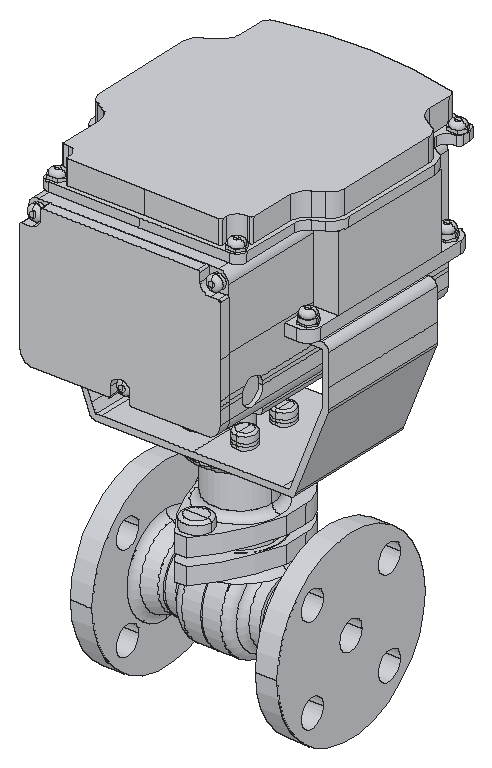
Revit family "電動二方弁(ロゴなし)", category Electrical Equipment, Revit 2022
Family settings
  Round Connector Dimension = Use Diameter
  Part Type = Other Panel
  OmniClass Number = 23.80.30.11.17
  OmniClass Title = Distribution Boards and Control Panels
  Work Plane-Based = No
  Always vertical = Yes
  Cut with Voids When Loaded = No
  Maintain Annotation Orientation = No
  Shared = No
  Room Calculation Point = No
Parameters
  配線φ(左側) [instance] = 14.031 mm
  配線φ(右側) [instance] = 14.031 mm
  配管φ [instance] = 95 mm
  配管2φ [instance] = 95 mm
  Default Elevation = 0 mm
  IfcObjectType = ""
  IfcName = ""
  IfcLongName = ""
  IfcExportType = ""
  IfcExportAs = ""
  IfcDescription = ""
Reference planes
  plane 1 "中心(正面/背面)": y = 0
  plane 2: z = 0
  plane 3 "中心(左/右)": x = 0
Forms (mm)
  Extrusion 1, solid
    sketch origin (0, 0, -77.064) x (0, 1, 0) y (0, 0, 1)
      loop
        circle (0, 124.5) r 47.5
    from 45.882 to 56.882
  Extrusion 2, void
    sketch origin (0, 0, -77) x (0, 1, 0) y (0, 0, 1)
      loop
        circle (-24.749, 149.249) r 7.5
    from 45.882 to 56.882
  Extrusion 3, void
    sketch origin (0, 49.497, -77) x (0, 1, 0) y (0, 0, 1)
      loop
        circle (-24.749, 149.249) r 7.5
    from 45.882 to 56.882
  Extrusion 4, void
    sketch origin (0, 0, -126.498) x (0, 1, 0) y (0, 0, 1)
      loop
        circle (-24.749, 149.249) r 7.5
    from 45.882 to 56.882
  Extrusion 5, void
    sketch origin (0, 49.497, -126.498) x (0, 1, 0) y (0, 0, 1)
      loop
        circle (-24.749, 149.249) r 7.5
    from 45.882 to 56.882
  Extrusion 6, void
    sketch origin (0, 24.749, -101.749) x (0, 1, 0) y (0, 0, 1)
      loop
        circle (-24.749, 149.249) r 7.5
    from 45.882 to 56.882
  Extrusion 7, solid
    sketch origin (-95, 0, -77.064) x (0, 1, 0) y (0, 0, 1)
      loop
        circle (0, 124.5) r 47.5
    from 45.882 to 56.882
  Extrusion 8, void
    sketch origin (-95, 0, -77) x (0, 1, 0) y (0, 0, 1)
      loop
        circle (-24.749, 149.249) r 7.5
    from 45.882 to 56.882
  Extrusion 9, solid
    sketch origin (0.118, 0, 0) x (1, 0, 0) y (0, 0, 1)
      loop
        line (-51.618, 196.3) -> (-51.618, 199.5) -> (-66.618, 199.5)
        arc (-66.618, 199.5) -> (-69.235, 198.416) -> (-70.318, 195.8) r 3.7
        line (-70.318, 195.8) -> (-70.318, 179.5) -> (-70.318, 169.594)
        arc (-70.318, 169.594) -> (-70.255, 168.913) -> (-70.068, 168.255) r 3.7
        line (-70.068, 168.255) -> (-53.226, 124.861)
        arc (-53.226, 124.861) -> (-51.866, 123.147) -> (-49.776, 122.5) r 3.7
        line (-49.776, 122.5) -> (49.539, 122.5)
        arc (49.539, 122.5) -> (51.629, 123.147) -> (52.989, 124.861) r 3.7
        line (52.989, 124.861) -> (69.831, 168.255)
        arc (69.831, 168.255) -> (70.018, 168.913) -> (70.082, 169.594) r 3.7
        line (70.082, 169.594) -> (70.082, 179.5) -> (70.082, 195.8)
        arc (70.082, 195.8) -> (68.998, 198.416) -> (66.382, 199.5) r 3.7
        line (66.382, 199.5) -> (51.182, 199.5) -> (51.182, 196.3) -> (66.382, 196.3)
        arc (66.382, 196.3) -> (66.735, 196.154) -> (66.882, 195.8) r 0.5
        line (66.882, 195.8) -> (66.882, 169.5) -> (64.355, 162.99) -> (49.882, 125.7) -> (46.449, 125.7) -> (-0.118, 125.7) -> (-46.686, 125.7) -> (-50.118, 125.7) -> (-51.928, 130.361) -> (-64.592, 162.99) -> (-67.118, 169.5) -> (-67.118, 195.8)
        arc (-67.118, 195.8) -> (-66.972, 196.154) -> (-66.618, 196.3) r 0.5
        line (-66.618, 196.3) -> (-51.618, 196.3)
    from -38.424 to 30.5
  Extrusion 10, solid
    sketch origin (0, -461.789, 0) x (1, 0, 0) y (0, 1, 0)
      loop
        arc (0, 545.194) -> (-22.618, 543.895) -> (-44.938, 540.014) r 197.5
        arc (-44.938, 540.014) -> (-47.717, 538.253) -> (-48.8, 535.145) r 5
        line (-48.8, 535.145) -> (-48.8, 522.279)
        arc (-48.8, 522.279) -> (-50.006, 517.779) -> (-53.3, 514.485) r 9
        line (-53.3, 514.485) -> (-58.8, 511.309)
        arc (-58.8, 511.309) -> (-61.728, 508.381) -> (-62.8, 504.381) r 8
        line (-62.8, 504.381) -> (-62.8, 450.408)
        arc (-62.8, 450.408) -> (-61.728, 446.408) -> (-58.8, 443.479) r 8
        line (-58.8, 443.479) -> (-53.3, 440.304)
        arc (-53.3, 440.304) -> (-50.006, 437.01) -> (-48.8, 432.51) r 9
        line (-48.8, 432.51) -> (-48.8, 409.394)
        arc (-48.8, 409.394) -> (-48.507, 408.687) -> (-47.8, 408.394) r 1
        line (-47.8, 408.394) -> (-46, 408.394)
        arc (-46, 408.394) -> (-41.757, 406.637) -> (-40, 402.394) r 6
        line (-40, 402.394) -> (-40, 400.594)
        arc (-40, 400.594) -> (-39.707, 399.887) -> (-39, 399.594) r 1
        line (-39, 399.594) -> (0, 399.594) -> (39, 399.594)
        arc (39, 399.594) -> (39.707, 399.887) -> (40, 400.594) r 1
        line (40, 400.594) -> (40, 402.394)
        arc (40, 402.394) -> (41.757, 406.637) -> (46, 408.394) r 6
        line (46, 408.394) -> (47.8, 408.394)
        arc (47.8, 408.394) -> (48.507, 408.687) -> (48.8, 409.394) r 1
        line (48.8, 409.394) -> (48.8, 432.51)
        arc (48.8, 432.51) -> (50.006, 437.01) -> (53.3, 440.304) r 9
        line (53.3, 440.304) -> (58.8, 443.479)
        arc (58.8, 443.479) -> (61.728, 446.408) -> (62.8, 450.408) r 8
        line (62.8, 450.408) -> (62.8, 504.381)
        arc (62.8, 504.381) -> (61.728, 508.381) -> (58.8, 511.309) r 8
        line (58.8, 511.309) -> (53.3, 514.485)
        arc (53.3, 514.485) -> (50.006, 517.779) -> (48.8, 522.279) r 9
        line (48.8, 522.279) -> (48.8, 535.145)
        arc (48.8, 535.145) -> (47.717, 538.253) -> (44.938, 540.014) r 5
        arc (44.938, 540.014) -> (22.618, 543.895) -> (0, 545.194) r 197.5
    from 248.5 to 260.5
  Extrusion 11, solid
    sketch origin (0, -461.789, 0) x (1, 0, 0) y (0, 1, 0)
      loop
        arc (0, 547.894) -> (-28.126, 545.907) -> (-55.692, 539.984) r 200
        arc (-55.692, 539.984) -> (-58.298, 538.185) -> (-59.3, 535.182) r 5
        line (-59.3, 535.182) -> (-59.3, 531.092)
        arc (-59.3, 531.092) -> (-58.732, 529.695) -> (-57.35, 529.092) r 2
        arc (-57.35, 529.092) -> (-53.205, 527.284) -> (-51.5, 523.094) r 6
        line (-51.5, 523.094) -> (-51.5, 522.106)
        arc (-51.5, 522.106) -> (-52.304, 519.106) -> (-54.5, 516.909) r 6
        line (-54.5, 516.909) -> (-60.5, 513.445)
        arc (-60.5, 513.445) -> (-64.16, 509.785) -> (-65.5, 504.785) r 10
        line (-65.5, 504.785) -> (-65.5, 450.003)
        arc (-65.5, 450.003) -> (-64.16, 445.003) -> (-60.5, 441.343) r 10
        line (-60.5, 441.343) -> (-55, 438.168)
        arc (-55, 438.168) -> (-52.438, 435.606) -> (-51.5, 432.106) r 7
        line (-51.5, 432.106) -> (-51.5, 401.894)
        arc (-51.5, 401.894) -> (-50.036, 398.359) -> (-46.5, 396.894) r 5
        line (-46.5, 396.894) -> (0, 396.894) -> (46.5, 396.894)
        arc (46.5, 396.894) -> (50.036, 398.359) -> (51.5, 401.894) r 5
        line (51.5, 401.894) -> (51.5, 432.106)
        arc (51.5, 432.106) -> (52.438, 435.606) -> (55, 438.168) r 7
        line (55, 438.168) -> (60.5, 441.343)
        arc (60.5, 441.343) -> (64.16, 445.003) -> (65.5, 450.003) r 10
        line (65.5, 450.003) -> (65.5, 504.785)
        arc (65.5, 504.785) -> (64.16, 509.785) -> (60.5, 513.445) r 10
        line (60.5, 513.445) -> (54.5, 516.909)
        arc (54.5, 516.909) -> (52.304, 519.106) -> (51.5, 522.106) r 6
        line (51.5, 522.106) -> (51.5, 523.094)
        arc (51.5, 523.094) -> (53.205, 527.284) -> (57.35, 529.092) r 6
        arc (57.35, 529.092) -> (58.732, 529.695) -> (59.3, 531.092) r 2
        line (59.3, 531.092) -> (59.3, 535.182)
        arc (59.3, 535.182) -> (58.298, 538.185) -> (55.692, 539.984) r 5
        arc (55.692, 539.984) -> (28.126, 545.907) -> (0, 547.894) r 200
    from 244 to 248.5
  Extrusion 12, solid
    sketch origin (0, -461.789, 0) x (1, 0, 0) y (0, 1, 0)
      loop
        circle (-58, 432.394) r 4.25
    from 206.5 to 208.5
  Extrusion 13, solid
    sketch origin (0, -461.789, 0) x (1, 0, 0) y (0, 1, 0)
      loop
        line (-60.454, 436.644) -> (-62.907, 432.394) -> (-60.454, 428.144) -> (-55.546, 428.144) -> (-53.093, 432.394) -> (-55.546, 436.644) -> (-58, 436.644) -> (-60.454, 436.644)
    from 205.5 to 206.5
  Revolve 14, solid, detail levels fine
    sketch origin (91.963, -59.403, 0) x (1, 0, 0) y (0, 0, 1)
      loop
        arc (-47.868, 252.7) -> (-49.481, 251.883) -> (-49.776, 250.1) r 2
        line (-49.776, 250.1) -> (-46.118, 250.1) -> (-46.118, 252.7) -> (-47.868, 252.7)
      axis (-46.118, 252.7) -> (-46.118, 250.1)
    angle from 0 to 360
  Revolve 15, solid
    sketch origin (-0.037, -59.403, 0) x (1, 0, 0) y (0, 0, 1)
      loop
        arc (-47.868, 252.7) -> (-49.481, 251.883) -> (-49.776, 250.1) r 2
        line (-49.776, 250.1) -> (-46.118, 250.1) -> (-46.118, 252.7) -> (-47.868, 252.7)
      axis (-46.118, 252.7) -> (-46.118, 250.1)
    angle from 0 to 360
  Extrusion 16, solid
    sketch origin (0.118, -20, 0) x (1, 0, 0) y (0, 0, 1)
      loop
        line (-46.13, 233.5) -> (-50.618, 233.5)
        arc (-50.618, 233.5) -> (-51.326, 233.207) -> (-51.618, 232.5) r 1
        line (-51.618, 232.5) -> (-51.618, 206.5) -> (-51.618, 187.2) -> (-51.618, 184.874) -> (-51.618, 182.778) -> (-51.618, 176)
        arc (-51.618, 176) -> (-49.568, 171.05) -> (-44.618, 169) r 7
        line (-44.618, 169) -> (-6.118, 169)
        arc (-6.118, 169) -> (-5.411, 169.293) -> (-5.118, 170) r 1
        line (-5.118, 170) -> (-5.118, 174.5)
        arc (-5.118, 174.5) -> (-3.654, 178.036) -> (-0.118, 179.5) r 5
        arc (-0.118, 179.5) -> (3.417, 178.036) -> (4.882, 174.5) r 5
        line (4.882, 174.5) -> (4.882, 170)
        arc (4.882, 170) -> (5.174, 169.293) -> (5.882, 169) r 1
        line (5.882, 169) -> (44.382, 169)
        arc (44.382, 169) -> (49.331, 171.05) -> (51.382, 176) r 7
        line (51.382, 176) -> (51.382, 182.778) -> (51.382, 184.874) -> (51.382, 187.2) -> (51.382, 206.5) -> (51.382, 232.5)
        arc (51.382, 232.5) -> (51.089, 233.207) -> (50.382, 233.5) r 1
        line (50.382, 233.5) -> (45.893, 233.5)
        arc (45.893, 233.5) -> (42.358, 234.965) -> (40.893, 238.5) r 5
        line (40.893, 238.5) -> (40.893, 243)
        arc (40.893, 243) -> (40.601, 243.707) -> (39.893, 244) r 1
        line (39.893, 244) -> (-40.13, 244)
        arc (-40.13, 244) -> (-40.838, 243.707) -> (-41.13, 243) r 1
        line (-41.13, 243) -> (-41.13, 238.5)
        arc (-41.13, 238.5) -> (-42.595, 234.965) -> (-46.13, 233.5) r 5
    from 51.5 to 57
  Extrusion 17, solid
    sketch origin (0, 0, 0) x (1, 0, 0) y (0, 0, 1)
      loop
        line (-13.607, 161) -> (-13.607, 139.5) -> (-0.118, 139.5) -> (13.607, 139.5) -> (13.607, 161) -> (-0.118, 161) -> (-13.607, 161)
    from -13.607 to 13.607
  Revolve 18, solid
    sketch origin (0, 0, 0) x (0, 1, 0) y (0, 0, 1)
      loop
        line (-6, 137.956) -> (-6.5, 137.09) -> (-6.5, 125.7) -> (0, 125.7) -> (0, 137.956) -> (-6, 137.956)
      axis (0, 137.956) -> (0, 125.7)
    angle from 0 to 360
  Revolve 19, solid
    sketch origin (-12.5, 0, 0) x (0, 1, 0) y (0, 0, 1)
      loop
        arc (-16.752, 132.9) -> (-17.541, 132.594) -> (-18.025, 131.9) r 1.452
        line (-18.025, 131.9) -> (-18.025, 128.9) -> (-12.5, 128.9) -> (-12.5, 132.9) -> (-16.752, 132.9)
      axis (-12.5, 132.9) -> (-12.5, 128.9)
    angle from 0 to 360
  Extrusion 20, solid, detail levels fine
    sketch origin (103.688, -491.798, 0) x (1, 0, 0) y (0, 1, 0)
      loop
        line (-60.731, 436.165) -> (-62.907, 432.394) -> (-60.775, 428.7) -> (-55.225, 428.7) -> (-53.093, 432.394) -> (-55.269, 436.165) -> (-58, 436.165) -> (-60.731, 436.165)
    from 248.5 to 250.1
  Extrusion 21, solid
    sketch origin (11.688, -491.798, 0) x (1, 0, 0) y (0, 1, 0)
      loop
        line (-60.731, 436.165) -> (-62.907, 432.394) -> (-60.775, 428.7) -> (-55.225, 428.7) -> (-53.093, 432.394) -> (-55.269, 436.165) -> (-58, 436.165) -> (-60.731, 436.165)
    from 248.5 to 250.1
  Extrusion 22, solid
    sketch origin (0, 0, 0) x (1, 0, 0) y (0, 0, 1)
      loop
        arc (51.382, 238.7) -> (49.829, 242.448) -> (46.082, 244) r 5.3
        line (46.082, 244) -> (-46.318, 244)
        arc (-46.318, 244) -> (-50.066, 242.448) -> (-51.618, 238.7) r 5.3
        line (-51.618, 238.7) -> (-51.618, 206.5) -> (-51.618, 187.2) -> (-51.618, 184.874) -> (-51.618, 182.778) -> (-51.618, 176)
        arc (-51.618, 176) -> (-49.568, 171.05) -> (-44.618, 169) r 7
        line (-44.618, 169) -> (-0.118, 169) -> (44.382, 169)
        arc (44.382, 169) -> (49.331, 171.05) -> (51.382, 176) r 7
        line (51.382, 176) -> (51.382, 182.778) -> (51.382, 184.874) -> (51.382, 187.2) -> (51.382, 206.5) -> (51.382, 238.7)
    from -69.008 to 71.5
  Extrusion 23, solid, detail levels medium+fine
    sketch origin (0, 0, 0) x (1, 0, 0) y (0, 0, 1)
      loop
        arc (-56.98, 162.726) -> (-58.567, 164.386) -> (-60.863, 164.437) r 3
        line (-60.863, 164.437) -> (-64.592, 162.99) -> (-51.928, 130.361) -> (-48.199, 131.809)
        arc (-48.199, 131.809) -> (-46.539, 133.395) -> (-46.487, 135.691) r 3
        line (-46.487, 135.691) -> (-56.98, 162.726)
    from -4.258 to 4.152
  Revolve 24, solid
    sketch origin (0, 0, 0) x (1, 0, 0) y (0, 0, 1)
      loop
        line (-27.754, 65.728) -> (-34.829, 68.303)
        arc (-34.829, 68.303) -> (-37.214, 70.133) -> (-38.118, 73.001) r 5
        line (-38.118, 73.001) -> (-38.118, 47.5) -> (-24.643, 47.5) -> (-24.643, 65.897)
        arc (-24.643, 65.897) -> (-26.18, 65.505) -> (-27.754, 65.728) r 4
      axis (-38.118, 47.5) -> (-24.643, 47.5)
    angle from 0 to 360
  Revolve 25, solid
    sketch origin (0, 0, 0) x (1, 0, 0) y (0, 0, 1)
      loop
        line (45.882, 47.5) -> (24.643, 47.5) -> (24.643, 30.5) -> (31.652, 30.5) -> (38.006, 30.5)
        arc (38.006, 30.5) -> (40.717, 30.126) -> (43.224, 29.03) r 10
        arc (43.224, 29.03) -> (45.166, 27.191) -> (45.882, 24.613) r 5
        line (45.882, 24.613) -> (45.882, 47.5)
      axis (24.643, 47.5) -> (45.882, 47.5)
    angle from 0 to 360
  Revolve 26, solid
    sketch origin (0, 0, 0) x (1, 0, 0) y (0, 0, 1)
      loop
        line (-24.643, 47.5) -> (-24.643, 29.5) -> (-18.893, 29.5)
        arc (-18.893, 29.5) -> (-16.399, 28.627) -> (-14.994, 26.389) r 4
        arc (-14.994, 26.389) -> (-13.237, 23.591) -> (-10.118, 22.5) r 5
        line (-10.118, 22.5) -> (0, 22.5) -> (0, 47.5) -> (-24.643, 47.5)
      axis (0, 47.5) -> (-24.643, 47.5)
    angle from 0 to 360
  Revolve 27, solid
    sketch origin (0, 0, 0) x (-1, 0, 0) y (0, 0, 1)
      loop
        line (-24.643, 47.5) -> (-24.643, 29.5) -> (-18.893, 29.5)
        arc (-18.893, 29.5) -> (-16.399, 28.627) -> (-14.994, 26.389) r 4
        arc (-14.994, 26.389) -> (-13.237, 23.591) -> (-10.118, 22.5) r 5
        line (-10.118, 22.5) -> (0, 22.5) -> (0, 47.5) -> (-24.643, 47.5)
      axis (0, 47.5) -> (-24.643, 47.5)
    angle from 0 to 360
  Revolve 28, solid
    sketch origin (-12.5, 0, 0) x (0, 1, 0) y (0, 0, 1)
      loop
        line (-18.025, 128.9) -> (-18.025, 127.3) -> (-18.025, 125.7) -> (-12.5, 125.7) -> (-12.5, 128.9) -> (-18.025, 128.9)
      axis (-12.5, 128.9) -> (-12.5, 125.7)
    angle from 0 to 360
  Revolve 29, solid
    sketch origin (-12.5, 25, 0) x (0, 1, 0) y (0, 0, 1)
      loop
        arc (-16.752, 132.9) -> (-17.541, 132.594) -> (-18.025, 131.9) r 1.452
        line (-18.025, 131.9) -> (-18.025, 128.9) -> (-12.5, 128.9) -> (-12.5, 132.9) -> (-16.752, 132.9)
      axis (-12.5, 132.9) -> (-12.5, 128.9)
    angle from 0 to 360
  Revolve 30, solid
    sketch origin (-12.5, 25, 0) x (0, 1, 0) y (0, 0, 1)
      loop
        line (-18.025, 128.9) -> (-18.025, 127.3) -> (-18.025, 125.7) -> (-12.5, 125.7) -> (-12.5, 128.9) -> (-18.025, 128.9)
      axis (-12.5, 128.9) -> (-12.5, 125.7)
    angle from 0 to 360
  Revolve 31, solid
    sketch origin (12.5, 0, 0) x (0, 1, 0) y (0, 0, 1)
      loop
        arc (-16.752, 132.9) -> (-17.541, 132.594) -> (-18.025, 131.9) r 1.452
        line (-18.025, 131.9) -> (-18.025, 128.9) -> (-12.5, 128.9) -> (-12.5, 132.9) -> (-16.752, 132.9)
      axis (-12.5, 132.9) -> (-12.5, 128.9)
    angle from 0 to 360
  Revolve 32, solid
    sketch origin (12.5, 0, 0) x (0, 1, 0) y (0, 0, 1)
      loop
        line (-18.025, 128.9) -> (-18.025, 127.3) -> (-18.025, 125.7) -> (-12.5, 125.7) -> (-12.5, 128.9) -> (-18.025, 128.9)
      axis (-12.5, 128.9) -> (-12.5, 125.7)
    angle from 0 to 360
  Revolve 33, solid
    sketch origin (12.5, 25, 0) x (0, 1, 0) y (0, 0, 1)
      loop
        arc (-16.752, 132.9) -> (-17.541, 132.594) -> (-18.025, 131.9) r 1.452
        line (-18.025, 131.9) -> (-18.025, 128.9) -> (-12.5, 128.9) -> (-12.5, 132.9) -> (-16.752, 132.9)
      axis (-12.5, 132.9) -> (-12.5, 128.9)
    angle from 0 to 360
  Revolve 34, solid
    sketch origin (12.5, 25, 0) x (0, 1, 0) y (0, 0, 1)
      loop
        line (-18.025, 128.9) -> (-18.025, 127.3) -> (-18.025, 125.7) -> (-12.5, 125.7) -> (-12.5, 128.9) -> (-18.025, 128.9)
      axis (-12.5, 128.9) -> (-12.5, 125.7)
    angle from 0 to 360
  Revolve 35, solid
    sketch origin (0, 0, 0) x (1, 0, 0) y (0, 0, 1)
      loop
        line (-4.75, 139.5) -> (-4.75, 137.956) -> (0, 137.956) -> (0, 139.5) -> (-4.75, 139.5)
      axis (0, 139.5) -> (0, 137.956)
    angle from 0 to 360
  Revolve 36, solid
    sketch origin (0, 0, 0) x (1, 0, 0) y (0, 0, 1)
      loop
        line (0, 77) -> (-20, 77) -> (-20, 73.103)
        arc (-20, 73.103) -> (-21.527, 68.402) -> (-25.524, 65.495) r 8
        line (-25.524, 65.495) -> (-18.847, 65.495)
        arc (-18.847, 65.495) -> (-16.351, 66.373) -> (-14.953, 68.62) r 3.988
        arc (-14.953, 68.62) -> (-13.31, 71.404) -> (-10.268, 72.5) r 4.769
        line (-10.268, 72.5) -> (0, 72.5) -> (0, 77)
      axis (0, 77) -> (0, 65.495)
    angle from 0 to 360
  Extrusion 37, solid
    sketch origin (0, 0, 0) x (1, 0, 0) y (0, 0, 1)
      loop
        line (-47, 169.152) -> (-47, 167.5)
        arc (-47, 167.5) -> (-46.121, 165.379) -> (-44, 164.5) r 3
        line (-44, 164.5) -> (44, 164.5)
        arc (44, 164.5) -> (46.121, 165.379) -> (47, 167.5) r 3
        line (47, 167.5) -> (47, 169.462)
        arc (47, 169.462) -> (45.784, 169.119) -> (44.525, 169) r 7
        line (44.525, 169) -> (-42.442, 169)
        arc (-42.442, 169) -> (-44.734, 168.695) -> (-47, 169.152) r 7
    from -44 to 44
  Revolve 38, solid
    sketch origin (0, -28, 0) x (1, 0, 0) y (0, 0, 1)
      loop
        line (0, 95.717) -> (-5.688, 95.717)
        arc (-5.688, 95.717) -> (-6.779, 95.427) -> (-7.583, 94.633) r 2.201
        line (-7.583, 94.633) -> (-7.583, 90.3) -> (0, 90.3) -> (0, 95.717)
      axis (0, 95.717) -> (0, 90.3)
    angle from 0 to 360
  Revolve 39, solid
    sketch origin (0, 0, 0) x (1, 0, 0) y (0, 0, 1)
      loop
        arc (-18.5, 115.3) -> (-17.086, 114.714) -> (-16.5, 113.3) r 2
        line (-16.5, 113.3) -> (-16.5, 94.3)
        arc (-16.5, 94.3) -> (-17.672, 91.472) -> (-20.5, 90.3) r 4
        line (-20.5, 90.3) -> (0, 90.3) -> (0, 115.3) -> (-18.5, 115.3)
      axis (0, 90.3) -> (0, 115.3)
    angle from 0 to 360
  Revolve 40, solid, detail levels fine
    sketch origin (0, 0, 0) x (1, 0, 0) y (0, 0, 1)
      loop
        line (-4, 81.3) -> (-4, 77) -> (0, 77) -> (0, 81.3) -> (-4, 81.3)
      axis (0, 77) -> (0, 81.3)
    angle from 0 to 360
  Extrusion 41, solid
    sketch origin (0, -461.789, 210) x (1, 0, 0) y (0, 1, 0)
      loop
        line (65, 432.394) -> (65, 522.394)
        arc (65, 522.394) -> (63.715, 526.436) -> (60.333, 528.994) r 7
        arc (60.333, 528.994) -> (59.578, 529.473) -> (59.107, 530.234) r 2
        arc (59.107, 530.234) -> (58.39, 529.415) -> (57.35, 529.092) r 2
        arc (57.35, 529.092) -> (53.205, 527.284) -> (51.5, 523.094) r 6
        line (51.5, 523.094) -> (51.5, 425.394) -> (58, 425.394)
        arc (58, 425.394) -> (62.95, 427.445) -> (65, 432.394) r 7
    from -10.5 to -4.5
  Extrusion 42, solid
    sketch origin (0, -461.789, 210) x (-1, 0, 0) y (0, -1, 0)
      loop
        arc (65, -432.394) -> (62.95, -427.445) -> (58, -425.394) r 7
        line (58, -425.394) -> (51.5, -425.394) -> (51.5, -523.094)
        arc (51.5, -523.094) -> (53.205, -527.284) -> (57.35, -529.092) r 6
        arc (57.35, -529.092) -> (58.39, -529.415) -> (59.107, -530.234) r 2
        arc (59.107, -530.234) -> (59.578, -529.473) -> (60.333, -528.994) r 2
        arc (60.333, -528.994) -> (63.715, -526.436) -> (65, -522.394) r 7
        line (65, -522.394) -> (65, -432.394)
    from -10.5 to -4.5
  Extrusion 43, solid, detail levels medium+fine
    sketch origin (0, 0, 0) x (-1, 0, 0) y (0, 0, -1)
      loop
        line (-56.98, -162.726) -> (-46.487, -135.691)
        arc (-46.487, -135.691) -> (-46.539, -133.395) -> (-48.199, -131.809) r 3
        line (-48.199, -131.809) -> (-51.928, -130.361) -> (-64.592, -162.99) -> (-60.863, -164.437)
        arc (-60.863, -164.437) -> (-58.567, -164.386) -> (-56.98, -162.726) r 3
    from -4.258 to 4.152
  Extrusion 44, solid
    sketch origin (0, 0, 0) x (1, 0, 0) y (0, 0, 1)
      loop
        line (-28.5, 161) -> (28.5, 161) -> (28.5, 161.788) -> (-28.5, 161.788) -> (-28.5, 161)
    from -28.5 to 28.511
  Revolve 45, solid
    sketch origin (0, -30, 0) x (1, 0, 0) y (0, 0, 1)
      loop
        line (-60.5, 199.5) -> (-60.5, 197.236) -> (-58.25, 197.236) -> (-58.25, 199.5) -> (-60.5, 199.5)
      axis (-58.25, 199.5) -> (-58.25, 197.236)
    angle from 0 to 360
  Revolve 46, solid
    sketch origin (0, 60, 0) x (1, 0, 0) y (0, 0, 1)
      loop
        line (-60.5, 199.5) -> (-60.5, 197.236) -> (-58.25, 197.236) -> (-58.25, 199.5) -> (-60.5, 199.5)
      axis (-58.25, 199.5) -> (-58.25, 197.236)
    angle from 0 to 360
  Revolve 47, solid
    sketch origin (116.875, -30, 0) x (1, 0, 0) y (0, 0, 1)
      loop
        line (-60.5, 199.5) -> (-60.5, 197.236) -> (-58.25, 197.236) -> (-58.25, 199.5) -> (-60.5, 199.5)
      axis (-58.25, 199.5) -> (-58.25, 197.236)
    angle from 0 to 360
  Revolve 48, solid
    sketch origin (116.875, 60, 0) x (1, 0, 0) y (0, 0, 1)
      loop
        line (-60.5, 199.5) -> (-60.5, 197.236) -> (-58.25, 197.236) -> (-58.25, 199.5) -> (-60.5, 199.5)
      axis (-58.25, 199.5) -> (-58.25, 197.236)
    angle from 0 to 360
  Extrusion 49, solid
    sketch origin (-364.746, -162.773, 80.3) x (1, 0, 0) y (0, 1, 0)
      loop
        arc (341.746, 163.987) -> (349.545, 143.272) -> (361.7, 124.773) r 100.225
        line (361.7, 124.773) -> (367.792, 124.773)
        arc (367.792, 124.773) -> (379.948, 143.272) -> (387.746, 163.987) r 100.225
        line (387.746, 163.987) -> (387.746, 176.305)
        arc (387.746, 176.305) -> (383.257, 189.309) -> (371.7, 196.773) r 21.077
        line (371.7, 196.773) -> (357.792, 196.773)
        arc (357.792, 196.773) -> (346.236, 189.309) -> (341.746, 176.305) r 21.077
        line (341.746, 176.305) -> (341.746, 163.987)
    from 1 to 10
  Revolve 50, solid
    sketch origin (0, 0, 0) x (1, 0, 0) y (0, 0, 1)
      loop
        line (-25, 122.5) -> (-25, 117.3)
        arc (-25, 117.3) -> (-24.414, 115.886) -> (-23, 115.3) r 2
        line (-23, 115.3) -> (0, 115.3) -> (0, 122.5) -> (-25, 122.5)
      axis (0, 115.3) -> (0, 122.5)
    angle from 0 to 360
  Extrusion 51, solid
    sketch origin (-364.746, -162.773, 67) x (1, 0, 0) y (0, 1, 0)
      loop
        arc (341.746, 163.987) -> (349.545, 143.272) -> (361.7, 124.773) r 100.225
        line (361.7, 124.773) -> (367.792, 124.773)
        arc (367.792, 124.773) -> (379.948, 143.272) -> (387.746, 163.987) r 100.225
        line (387.746, 163.987) -> (387.746, 176.305)
        arc (387.746, 176.305) -> (383.257, 189.309) -> (371.7, 196.773) r 21.077
        line (371.7, 196.773) -> (357.792, 196.773)
        arc (357.792, 196.773) -> (346.236, 189.309) -> (341.746, 176.305) r 21.077
        line (341.746, 176.305) -> (341.746, 163.987)
    from 1 to 10
  Revolve 52, solid, detail levels medium+fine
    sketch origin (-13.227, 0, 0) x (1, 0, 0) y (0, 0, 1)
      loop
        line (-4.273, 81.3) -> (-4.273, 77) -> (13.227, 77) -> (13.227, 81.3) -> (-4.273, 81.3)
      axis (13.227, 77) -> (13.227, 81.3)
    angle from 0 to 360
  Extrusion 53, void
    sketch origin (-95, 49.497, -77) x (0, 1, 0) y (0, 0, 1)
      loop
        circle (-24.749, 149.249) r 7.5
    from 45.882 to 56.882
  Extrusion 54, void
    sketch origin (-95, 49.497, -126.498) x (0, 1, 0) y (0, 0, 1)
      loop
        circle (-24.749, 149.249) r 7.5
    from 45.882 to 56.882
  Extrusion 55, void
    sketch origin (0, 0, -126.498) x (0, 1, 0) y (0, 0, 1)
      loop
        circle (-24.749, 149.249) r 7.5
    from 45.882 to 56.882
  Extrusion 56, void
    sketch origin (-95, 0, -126.498) x (0, 1, 0) y (0, 0, 1)
      loop
        circle (-24.749, 149.249) r 7.5
    from 45.882 to 56.882
  Extrusion 57, void
    sketch origin (-95, 24.749, -101.749) x (0, 1, 0) y (0, 0, 1)
      loop
        circle (-24.749, 149.249) r 7.5
    from 45.882 to 56.882
  Revolve 58, solid
    sketch origin (-46.056, 5.5, 0) x (0, 1, 0) y (0, 0, 1)
      loop
        arc (-78.6, 242.158) -> (-80.383, 241.863) -> (-81.2, 240.25) r 2
        line (-81.2, 240.25) -> (-81.2, 238.5) -> (-78.6, 238.5) -> (-78.6, 242.158)
      axis (-78.6, 238.5) -> (-81.2, 238.5)
    angle from 0 to 360
  Revolve 59, solid
    sketch origin (-46.014, 5.5, 0) x (0, 1, 0) y (0, 0, 1)
      loop
        line (-78.6, 242.25) -> (-78.6, 238.5) -> (-77, 238.5) -> (-77, 242.25) -> (-78.6, 242.25)
      axis (-78.6, 238.5) -> (-77, 238.5)
    angle from 0 to 360
  Revolve 60, solid
    sketch origin (45.944, 5.5, 0) x (0, 1, 0) y (0, 0, 1)
      loop
        arc (-78.6, 242.158) -> (-80.383, 241.863) -> (-81.2, 240.25) r 2
        line (-81.2, 240.25) -> (-81.2, 238.5) -> (-78.6, 238.5) -> (-78.6, 242.158)
      axis (-78.6, 238.5) -> (-81.2, 238.5)
    angle from 0 to 360
  Revolve 61, solid
    sketch origin (45.986, 5.5, 0) x (0, 1, 0) y (0, 0, 1)
      loop
        line (-78.6, 242.25) -> (-78.6, 238.5) -> (-77, 238.5) -> (-77, 242.25) -> (-78.6, 242.25)
      axis (-78.6, 238.5) -> (-77, 238.5)
    angle from 0 to 360
  Revolve 62, solid
    sketch origin (-0.056, 5.5, -64) x (0, 1, 0) y (0, 0, 1)
      loop
        arc (-78.6, 242.158) -> (-80.383, 241.863) -> (-81.2, 240.25) r 2
        line (-81.2, 240.25) -> (-81.2, 238.5) -> (-78.6, 238.5) -> (-78.6, 242.158)
      axis (-78.6, 238.5) -> (-81.2, 238.5)
    angle from 0 to 360
  Revolve 63, solid
    sketch origin (-0.014, 5.5, -64) x (0, 1, 0) y (0, 0, 1)
      loop
        line (-78.6, 242.25) -> (-78.6, 238.5) -> (-77, 238.5) -> (-77, 242.25) -> (-78.6, 242.25)
      axis (-78.6, 238.5) -> (-77, 238.5)
    angle from 0 to 360
  Extrusion 64, solid
    sketch origin (0, 0, 0) x (1, 0, 0) y (0, 0, 1)
      loop
        line (-65, 244) -> (-65, 205.5) -> (-51.618, 205.5) -> (-51.618, 238.7)
        arc (-51.618, 238.7) -> (-50.066, 242.448) -> (-46.318, 244) r 5.3
        line (-46.318, 244) -> (-65, 244)
    from -47.676 to 17.676
  Extrusion 65, solid
    sketch origin (0, 0, 0) x (-1, 0, 0) y (0, 0, -1)
      loop
        line (-65, -244) -> (-46.318, -244)
        arc (-46.318, -244) -> (-50.066, -242.448) -> (-51.618, -238.7) r 5.3
        line (-51.618, -238.7) -> (-51.618, -205.5) -> (-65, -205.5) -> (-65, -244)
    from -47.676 to 17.676
  Revolve 66, solid
    sketch origin (-11.91, -29.395, -41.6) x (1, 0, 0) y (0, 0, 1)
      loop
        arc (-47.868, 253.422) -> (-49.691, 252.245) -> (-49.37, 250.1) r 2
        line (-49.37, 250.1) -> (-46.118, 250.1) -> (-46.118, 253.422) -> (-47.868, 253.422)
      axis (-46.118, 253.422) -> (-46.118, 250.1)
    angle from 0 to 360
  Extrusion 67, solid
    sketch origin (0, -372.414, 0) x (1, 0, 0) y (0, 1, 0)
      loop
        circle (-58, 432.394) r 4.25
    from 206.5 to 208.5
  Extrusion 68, solid
    sketch origin (0, -372.414, 0) x (1, 0, 0) y (0, 1, 0)
      loop
        line (-60.454, 436.644) -> (-62.907, 432.394) -> (-60.454, 428.144) -> (-55.546, 428.144) -> (-53.093, 432.394) -> (-55.546, 436.644) -> (-58, 436.644) -> (-60.454, 436.644)
    from 205.5 to 206.5
  Revolve 69, solid
    sketch origin (-11.91, 59.98, -41.6) x (1, 0, 0) y (0, 0, 1)
      loop
        arc (-47.868, 253.422) -> (-49.691, 252.245) -> (-49.37, 250.1) r 2
        line (-49.37, 250.1) -> (-46.118, 250.1) -> (-46.118, 253.422) -> (-47.868, 253.422)
      axis (-46.118, 253.422) -> (-46.118, 250.1)
    angle from 0 to 360
  Extrusion 70, solid
    sketch origin (116.5, -461.789, 0) x (1, 0, 0) y (0, 1, 0)
      loop
        circle (-58, 432.394) r 4.25
    from 206.5 to 208.5
  Extrusion 71, solid
    sketch origin (116.5, -461.789, 0) x (1, 0, 0) y (0, 1, 0)
      loop
        line (-60.454, 436.644) -> (-62.907, 432.394) -> (-60.454, 428.144) -> (-55.546, 428.144) -> (-53.093, 432.394) -> (-55.546, 436.644) -> (-58, 436.644) -> (-60.454, 436.644)
    from 205.5 to 206.5
  Revolve 72, solid
    sketch origin (104.59, -29.395, -41.6) x (1, 0, 0) y (0, 0, 1)
      loop
        arc (-47.868, 253.422) -> (-49.691, 252.245) -> (-49.37, 250.1) r 2
        line (-49.37, 250.1) -> (-46.118, 250.1) -> (-46.118, 253.422) -> (-47.868, 253.422)
      axis (-46.118, 253.422) -> (-46.118, 250.1)
    angle from 0 to 360
  Extrusion 73, solid
    sketch origin (116.5, -372.414, 0) x (1, 0, 0) y (0, 1, 0)
      loop
        circle (-58, 432.394) r 4.25
    from 206.5 to 208.5
  Extrusion 74, solid
    sketch origin (116.5, -372.414, 0) x (1, 0, 0) y (0, 1, 0)
      loop
        line (-60.454, 436.644) -> (-62.907, 432.394) -> (-60.454, 428.144) -> (-55.546, 428.144) -> (-53.093, 432.394) -> (-55.546, 436.644) -> (-58, 436.644) -> (-60.454, 436.644)
    from 205.5 to 206.5
  Revolve 75, solid
    sketch origin (104.59, 59.98, -41.6) x (1, 0, 0) y (0, 0, 1)
      loop
        arc (-47.868, 253.422) -> (-49.691, 252.245) -> (-49.37, 250.1) r 2
        line (-49.37, 250.1) -> (-46.118, 250.1) -> (-46.118, 253.422) -> (-47.868, 253.422)
      axis (-46.118, 253.422) -> (-46.118, 250.1)
    angle from 0 to 360
  Revolve 76, solid
    sketch origin (100.713, 71.847, 0) x (1, 0, 0) y (0, 0, 1)
      loop
        arc (-47.868, 252.7) -> (-49.481, 251.883) -> (-49.776, 250.1) r 2
        line (-49.776, 250.1) -> (-46.118, 250.1) -> (-46.118, 252.7) -> (-47.868, 252.7)
      axis (-46.118, 252.7) -> (-46.118, 250.1)
    angle from 0 to 360
  Revolve 77, solid
    sketch origin (-7.537, 71.847, 0) x (1, 0, 0) y (0, 0, 1)
      loop
        arc (-47.868, 252.7) -> (-49.481, 251.883) -> (-49.776, 250.1) r 2
        line (-49.776, 250.1) -> (-46.118, 250.1) -> (-46.118, 252.7) -> (-47.868, 252.7)
      axis (-46.118, 252.7) -> (-46.118, 250.1)
    angle from 0 to 360
  Extrusion 78, solid
    sketch origin (112.438, -360.548, 0) x (1, 0, 0) y (0, 1, 0)
      loop
        line (-60.731, 436.165) -> (-62.907, 432.394) -> (-60.775, 428.7) -> (-55.225, 428.7) -> (-53.093, 432.394) -> (-55.269, 436.165) -> (-58, 436.165) -> (-60.731, 436.165)
    from 248.5 to 250.1
  Extrusion 79, solid
    sketch origin (4.188, -360.548, 0) x (1, 0, 0) y (0, 1, 0)
      loop
        line (-60.731, 436.165) -> (-62.907, 432.394) -> (-60.775, 428.7) -> (-55.225, 428.7) -> (-53.093, 432.394) -> (-55.269, 436.165) -> (-58, 436.165) -> (-60.731, 436.165)
    from 248.5 to 250.1
  Extrusion 80, void
    sketch origin (0, 0, 0.741) x (0, 1, 0) y (0, 0, 1)
      loop
        circle (-56.39, 182.041) r 7.015
    from -51.618 to -48.8
  Extrusion 81, void
    sketch origin (0, 0, 0.741) x (0, 1, 0) y (0, 0, -1)
      loop
        circle (-56.39, -182.041) r 7.015
    from -51.618 to -48.8
Cuts and joins
  Extrusion 2, Extrusion 3, Extrusion 4, Extrusion 5, Extrusion 6, Extrusion 8, Extrusion 55 cuts Extrusion 1
  Extrusion 8, Extrusion 53, Extrusion 54, Extrusion 56, Extrusion 57 cuts Extrusion 7
  Extrusion 80, Extrusion 81 cuts Extrusion 22
Text (mm)
  text "100" at (1274.735, 860.036, 0), in view "参照レベル"
  text "0" at (1249.231, 860.036, 0), in view "参照レベル"
  text "82" at (1044.561, 945.199, 0), in view "参照レベル"
  text "85" at (1127.811, 945.199, 0), in view "参照レベル"
Dimensions and locks
  "配管φ": diameter of Extrusion 1 sketch curve
  "配管2φ": diameter of Extrusion 7 sketch curve
  "配線φ(左側)": diameter of Extrusion 80 sketch curve
  "配線φ(右側)": diameter of Extrusion 81 sketch curve
  aligned and locked: level to plane 2
  aligned and locked: Extrusion 1 to Extrusion 2  (x2)
  aligned and locked: Extrusion 7 to Extrusion 8  (x2)
  aligned and locked: Extrusion 11 to Extrusion 10
Automatic sketch dimensions
  plane 1 "中心(正面/背面)" to Extrusion 2 sketch curve = 24.749 mm
  level to Extrusion 2 sketch curve = 72.249 mm
  Extrusion 3 sketch curve to plane 1 "中心(正面/背面)" = 24.749 mm
  level to Extrusion 3 sketch curve = 72.249 mm
  plane 1 "中心(正面/背面)" to Extrusion 4 sketch curve = 24.749 mm
  level to Extrusion 4 sketch curve = 22.751 mm
  Extrusion 5 sketch curve to plane 1 "中心(正面/背面)" = 24.749 mm
  level to Extrusion 5 sketch curve = 22.751 mm
  Extrusion 6 sketch curve to plane 1 "中心(正面/背面)" = 0 mm
  level to Extrusion 6 sketch curve = 47.5 mm
  plane 1 "中心(正面/背面)" to Extrusion 8 sketch curve = 24.749 mm
  level to Extrusion 8 sketch curve = 72.249 mm
  Extrusion 9 sketch curve to Extrusion 9 sketch curve = 0 mm  (x4)
  Extrusion 9 sketch curve to plane 3 "中心(左/右)" = 0 mm
  Extrusion 9 sketch curve to plane 3 "中心(左/右)" = 46.567 mm
  Extrusion 9 sketch curve to Extrusion 9 sketch curve = 3.09 mm  (x2)
  Extrusion 9 sketch curve to Extrusion 9 sketch curve = 0.342 mm  (x2)
  Extrusion 9 sketch curve to plane 3 "中心(左/右)" = 51.5 mm
  Extrusion 9 sketch curve to Extrusion 9 sketch curve = 2.151 mm
  Extrusion 9 sketch curve to Extrusion 9 sketch curve = 3.107 mm  (x2)
  Extrusion 9 sketch curve to Extrusion 9 sketch curve = 12.664 mm
  Extrusion 9 sketch curve to Extrusion 9 sketch curve = 15 mm
  Extrusion 9 sketch curve to Extrusion 9 sketch curve = 2.027 mm  (x2)
  Extrusion 9 sketch curve to Extrusion 9 sketch curve = 0.5 mm  (x3)
  Extrusion 9 sketch curve to Extrusion 9 sketch curve = 2.949 mm  (x2)
  Extrusion 9 sketch curve to Extrusion 9 sketch curve = 0.251 mm  (x2)
  plane 3 "中心(左/右)" to Extrusion 9 sketch curve = 46.567 mm
  plane 3 "中心(左/右)" to Extrusion 9 sketch curve = 51.3 mm
  Extrusion 9 sketch curve to Extrusion 9 sketch curve = 13.173 mm
  Extrusion 9 sketch curve to Extrusion 9 sketch curve = 15.2 mm
  level to Extrusion 9 sketch curve = 122.5 mm
  Extrusion 9 sketch curve to Extrusion 9 sketch curve = 2.361 mm  (x2)
  Extrusion 9 sketch curve to Extrusion 9 sketch curve = 4.161 mm
  Extrusion 9 sketch curve to Extrusion 9 sketch curve = 32.629 mm
  Extrusion 9 sketch curve to Extrusion 9 sketch curve = 36.79 mm
  Extrusion 9 sketch curve to Extrusion 9 sketch curve = 5.265 mm  (x2)
  Extrusion 9 sketch curve to Extrusion 9 sketch curve = 0.094 mm  (x2)
  Extrusion 9 sketch curve to Extrusion 9 sketch curve = 9.906 mm  (x2)
  Extrusion 9 sketch curve to Extrusion 9 sketch curve = 16.3 mm  (x2)
  Extrusion 10 sketch curve to Extrusion 10 sketch curve = 0 mm  (x3)
  Extrusion 10 sketch curve to plane 3 "中心(左/右)" = 0 mm  (x2)
  Extrusion 10 sketch curve to plane 3 "中心(左/右)" = 39 mm
  Extrusion 10 sketch curve to Extrusion 10 sketch curve = 1 mm  (x4)
  Extrusion 10 sketch curve to plane 3 "中心(左/右)" = 43.8 mm
  Extrusion 10 sketch curve to Extrusion 10 sketch curve = 6 mm  (x2)
  Extrusion 10 sketch curve to Extrusion 10 sketch curve = 1.8 mm  (x3)
  Extrusion 10 sketch curve to Extrusion 10 sketch curve = 5 mm  (x2)
  plane 1 "中心(正面/背面)" to Extrusion 10 sketch curve = 21.485 mm  (x2)
  Extrusion 10 sketch curve to Extrusion 10 sketch curve = 4.5 mm  (x4)
  Extrusion 10 sketch curve to Extrusion 10 sketch curve = 1.5 mm  (x4)
  Extrusion 10 sketch curve to Extrusion 10 sketch curve = 9 mm  (x4)
  plane 1 "中心(正面/背面)" to Extrusion 10 sketch curve = 18.31 mm  (x2)
  Extrusion 10 sketch curve to Extrusion 10 sketch curve = 5.5 mm  (x4)
  Extrusion 10 sketch curve to Extrusion 10 sketch curve = 4 mm
  plane 3 "中心(左/右)" to Extrusion 10 sketch curve = 39 mm
  plane 3 "中心(左/右)" to Extrusion 10 sketch curve = 43.8 mm
  Extrusion 10 sketch curve to Extrusion 10 sketch curve = 8 mm
  Extrusion 10 sketch curve to Extrusion 10 sketch curve = 23.115 mm  (x2)
  Extrusion 10 sketch curve to Extrusion 10 sketch curve = 51.9 mm
  Extrusion 10 sketch curve to plane 1 "中心(正面/背面)" = 42.592 mm  (x2)
  Extrusion 10 sketch curve to Extrusion 10 sketch curve = 3.175 mm  (x2)
  Extrusion 10 sketch curve to Extrusion 10 sketch curve = 12.866 mm  (x2)
  Extrusion 11 sketch curve to Extrusion 11 sketch curve = 0 mm  (x5)
  Extrusion 11 sketch curve to plane 3 "中心(左/右)" = 0 mm  (x2)
  Extrusion 11 sketch curve to Extrusion 11 sketch curve = 46.5 mm
  Extrusion 11 sketch curve to Extrusion 11 sketch curve = 5 mm  (x4)
  Extrusion 11 sketch curve to plane 3 "中心(左/右)" = 51.5 mm
  Extrusion 11 sketch curve to Extrusion 11 sketch curve = 2.8 mm  (x2)
  Extrusion 11 sketch curve to Extrusion 11 sketch curve = 3 mm  (x4)
  plane 1 "中心(正面/背面)" to Extrusion 11 sketch curve = 23.621 mm  (x2)
  Extrusion 11 sketch curve to Extrusion 11 sketch curve = 3.5 mm  (x4)
  Extrusion 11 sketch curve to Extrusion 11 sketch curve = 0.5 mm  (x2)
  Extrusion 11 sketch curve to Extrusion 11 sketch curve = 1 mm  (x2)
  Extrusion 11 sketch curve to Extrusion 11 sketch curve = 6 mm  (x4)
  Extrusion 11 sketch curve to Extrusion 11 sketch curve = 2 mm  (x2)
  plane 1 "中心(正面/背面)" to Extrusion 11 sketch curve = 20.446 mm  (x2)
  Extrusion 11 sketch curve to Extrusion 11 sketch curve = 5.5 mm  (x2)
  plane 3 "中心(左/右)" to Extrusion 11 sketch curve = 46.5 mm
  plane 3 "中心(左/右)" to Extrusion 11 sketch curve = 51.5 mm
  Extrusion 11 sketch curve to Extrusion 11 sketch curve = 30.211 mm
  Extrusion 11 sketch curve to Extrusion 11 sketch curve = 49 mm
  Extrusion 11 sketch curve to plane 1 "中心(正面/背面)" = 42.996 mm  (x2)
  Extrusion 11 sketch curve to Extrusion 11 sketch curve = 3.464 mm  (x2)
  Extrusion 11 sketch curve to Extrusion 11 sketch curve = 0.989 mm  (x2)
  Extrusion 11 sketch curve to Extrusion 11 sketch curve = 7.997 mm  (x2)
  Extrusion 11 sketch curve to Extrusion 11 sketch curve = 4.09 mm  (x2)
  Extrusion 12 sketch curve to plane 3 "中心(左/右)" = 58 mm
  plane 1 "中心(正面/背面)" to Extrusion 12 sketch curve = 29.395 mm
  plane 1 "中心(正面/背面)" to Extrusion 13 sketch curve = 29.395 mm
  Extrusion 13 sketch curve to plane 3 "中心(左/右)" = 62.907 mm
  plane 1 "中心(正面/背面)" to Extrusion 13 sketch curve = 25.145 mm
  Extrusion 13 sketch curve to Extrusion 13 sketch curve = 2.454 mm  (x5)
  Extrusion 13 sketch curve to Extrusion 13 sketch curve = 4.907 mm
  Extrusion 13 sketch curve to Extrusion 13 sketch curve = 4.25 mm  (x2)
  plane 3 "中心(左/右)" to Revolve 14 sketch curve = 42.186 mm
  Revolve 14 sketch curve to Revolve 14 sketch curve = 1.908 mm
  Revolve 14 sketch curve to Revolve 14 sketch curve = 1.75 mm
  level to Revolve 14 sketch curve = 250.1 mm
  Revolve 14 sketch curve to Revolve 14 sketch curve = 0.6 mm
  Revolve 14 sketch curve to Revolve 14 sketch curve = 0 mm  (x3)
  Revolve 15 sketch curve to plane 3 "中心(左/右)" = 49.814 mm
  Revolve 15 sketch curve to Revolve 15 sketch curve = 1.908 mm
  Revolve 15 sketch curve to Revolve 15 sketch curve = 1.75 mm
  level to Revolve 15 sketch curve = 250.1 mm
  Revolve 15 sketch curve to Revolve 15 sketch curve = 0.6 mm
  Revolve 15 sketch curve to Revolve 15 sketch curve = 0 mm  (x3)
  Extrusion 16 sketch curve to Extrusion 16 sketch curve = 0 mm  (x2)
  Extrusion 16 sketch curve to plane 3 "中心(左/右)" = 0 mm
  Extrusion 16 sketch curve to plane 3 "中心(左/右)" = 5 mm
  Extrusion 16 sketch curve to Extrusion 16 sketch curve = 1 mm  (x6)
  Extrusion 16 sketch curve to plane 3 "中心(左/右)" = 40.012 mm
  Extrusion 16 sketch curve to Extrusion 16 sketch curve = 38.5 mm  (x2)
  Extrusion 16 sketch curve to Extrusion 16 sketch curve = 5 mm  (x2)
  Extrusion 16 sketch curve to Extrusion 16 sketch curve = 4.488 mm  (x2)
  Extrusion 16 sketch curve to Extrusion 16 sketch curve = 7 mm
  plane 3 "中心(左/右)" to Extrusion 16 sketch curve = 40.012 mm
  level to Extrusion 16 sketch curve = 169 mm
  Extrusion 16 sketch curve to Extrusion 16 sketch curve = 4.5 mm  (x2)
  Extrusion 16 sketch curve to Extrusion 16 sketch curve = 6.778 mm  (x2)
  Extrusion 16 sketch curve to Extrusion 16 sketch curve = 2.096 mm  (x2)
  Extrusion 16 sketch curve to Extrusion 16 sketch curve = 2.326 mm  (x2)
  Extrusion 16 sketch curve to Extrusion 16 sketch curve = 19.3 mm  (x2)
  Extrusion 16 sketch curve to Extrusion 16 sketch curve = 26 mm  (x2)
  Extrusion 17 sketch curve to plane 3 "中心(左/右)" = 13.607 mm
  Extrusion 17 sketch curve to plane 3 "中心(左/右)" = 0.118 mm  (x2)
  plane 3 "中心(左/右)" to Extrusion 17 sketch curve = 13.607 mm
  level to Extrusion 17 sketch curve = 139.5 mm
  Extrusion 17 sketch curve to Extrusion 17 sketch curve = 21.5 mm
  Revolve 18 sketch curve to plane 1 "中心(正面/背面)" = 0 mm  (x2)
  Revolve 18 sketch curve to Revolve 18 sketch curve = 6 mm
  Revolve 18 sketch curve to Revolve 18 sketch curve = 6.5 mm
  level to Revolve 18 sketch curve = 125.7 mm
  Revolve 18 sketch curve to Revolve 18 sketch curve = 11.39 mm
  Revolve 18 sketch curve to Revolve 18 sketch curve = 0.866 mm
  Revolve 18 sketch curve to Revolve 18 sketch curve = 0 mm  (x2)
  plane 1 "中心(正面/背面)" to Revolve 19 sketch curve = 18.025 mm
  Revolve 19 sketch curve to Revolve 19 sketch curve = 1.273 mm
  Revolve 19 sketch curve to Revolve 19 sketch curve = 0.108 mm
  Revolve 19 sketch curve to Revolve 19 sketch curve = 4.144 mm
  level to Revolve 19 sketch curve = 128.9 mm
  Revolve 19 sketch curve to Revolve 19 sketch curve = 2.552 mm
  Revolve 19 sketch curve to Revolve 19 sketch curve = 0.448 mm
  Revolve 19 sketch curve to Revolve 19 sketch curve = 0 mm  (x3)
  plane 3 "中心(左/右)" to Extrusion 20 sketch curve = 40.781 mm
  Extrusion 20 sketch curve to Extrusion 20 sketch curve = 2.133 mm  (x2)
  Extrusion 20 sketch curve to Extrusion 20 sketch curve = 2.177 mm
  Extrusion 20 sketch curve to Extrusion 20 sketch curve = 2.731 mm  (x2)
  Extrusion 20 sketch curve to Extrusion 20 sketch curve = 5.55 mm
  plane 1 "中心(正面/背面)" to Extrusion 20 sketch curve = 63.097 mm
  Extrusion 20 sketch curve to Extrusion 20 sketch curve = 3.694 mm  (x2)
  Extrusion 20 sketch curve to Extrusion 20 sketch curve = 3.771 mm
  Extrusion 21 sketch curve to plane 3 "中心(左/右)" = 51.219 mm
  Extrusion 21 sketch curve to Extrusion 21 sketch curve = 2.133 mm  (x2)
  Extrusion 21 sketch curve to Extrusion 21 sketch curve = 2.177 mm
  Extrusion 21 sketch curve to Extrusion 21 sketch curve = 2.731 mm  (x2)
  Extrusion 21 sketch curve to Extrusion 21 sketch curve = 5.55 mm
  plane 1 "中心(正面/背面)" to Extrusion 21 sketch curve = 63.097 mm
  Extrusion 21 sketch curve to Extrusion 21 sketch curve = 3.694 mm  (x2)
  Extrusion 21 sketch curve to Extrusion 21 sketch curve = 3.771 mm
  Extrusion 22 sketch curve to plane 3 "中心(左/右)" = 51.618 mm
  Extrusion 22 sketch curve to Extrusion 22 sketch curve = 5.3 mm
  Extrusion 22 sketch curve to Extrusion 22 sketch curve = 7 mm  (x2)
  Extrusion 22 sketch curve to plane 3 "中心(左/右)" = 0.118 mm
  plane 3 "中心(左/右)" to Extrusion 22 sketch curve = 44.382 mm
  plane 3 "中心(左/右)" to Extrusion 22 sketch curve = 46.082 mm
  level to Extrusion 22 sketch curve = 169 mm
  Extrusion 22 sketch curve to Extrusion 22 sketch curve = 6.778 mm  (x2)
  Extrusion 22 sketch curve to Extrusion 22 sketch curve = 2.096 mm  (x2)
  Extrusion 22 sketch curve to Extrusion 22 sketch curve = 2.326 mm  (x2)
  Extrusion 22 sketch curve to Extrusion 22 sketch curve = 19.3 mm  (x2)
  Extrusion 22 sketch curve to Extrusion 22 sketch curve = 32.2 mm
  Extrusion 23 sketch curve to plane 3 "中心(左/右)" = 64.592 mm
  Extrusion 23 sketch curve to Extrusion 23 sketch curve = 3.729 mm
  Extrusion 23 sketch curve to Extrusion 23 sketch curve = 1.085 mm  (x2)
  Extrusion 23 sketch curve to Extrusion 23 sketch curve = 2.797 mm  (x4)
  Extrusion 23 sketch curve to Extrusion 23 sketch curve = 7.85 mm
  Extrusion 23 sketch curve to Extrusion 23 sketch curve = 2.643 mm
  level to Extrusion 23 sketch curve = 130.361 mm
  Extrusion 23 sketch curve to Extrusion 23 sketch curve = 1.447 mm
  Revolve 24 sketch curve to plane 3 "中心(左/右)" = 38.118 mm
  Revolve 24 sketch curve to Revolve 24 sketch curve = 3.29 mm
  Revolve 24 sketch curve to Revolve 24 sketch curve = 5 mm
  Revolve 24 sketch curve to Revolve 24 sketch curve = 6.738 mm
  Revolve 24 sketch curve to Revolve 24 sketch curve = 13.476 mm
  level to Revolve 24 sketch curve = 47.5 mm
  Revolve 24 sketch curve to Revolve 24 sketch curve = 18.397 mm
  Revolve 24 sketch curve to Revolve 24 sketch curve = 2.405 mm
  Revolve 24 sketch curve to Revolve 24 sketch curve = 3.603 mm
  Revolve 24 sketch curve to Revolve 24 sketch curve = 0 mm  (x3)
  Revolve 24 sketch curve to Revolve 24 sketch curve = 3.111 mm
  Revolve 24 sketch curve to Revolve 24 sketch curve = 0.005 mm
  Revolve 24 sketch curve to Revolve 24 sketch curve = 0.014 mm
  plane 3 "中心(左/右)" to Revolve 25 sketch curve = 24.643 mm
  Revolve 25 sketch curve to Revolve 25 sketch curve = 7.009 mm
  Revolve 25 sketch curve to Revolve 25 sketch curve = 6.354 mm
  Revolve 25 sketch curve to Revolve 25 sketch curve = 2.876 mm
  Revolve 25 sketch curve to Revolve 25 sketch curve = 5 mm
  level to Revolve 25 sketch curve = 20.5 mm
  Revolve 25 sketch curve to Revolve 25 sketch curve = 4.113 mm
  Revolve 25 sketch curve to Revolve 25 sketch curve = 5.887 mm
  Revolve 25 sketch curve to Revolve 25 sketch curve = 18.47 mm
  Revolve 25 sketch curve to Revolve 25 sketch curve = 5.817 mm
  Revolve 25 sketch curve to Revolve 25 sketch curve = 0 mm  (x2)
  Revolve 26 sketch curve to plane 3 "中心(左/右)" = 0 mm  (x2)
  Revolve 26 sketch curve to plane 3 "中心(左/右)" = 10.118 mm
  Revolve 26 sketch curve to Revolve 26 sketch curve = 8.775 mm
  Revolve 26 sketch curve to Revolve 26 sketch curve = 5.749 mm
  level to Revolve 26 sketch curve = 22.5 mm
  Revolve 26 sketch curve to Revolve 26 sketch curve = 3 mm
  Revolve 26 sketch curve to Revolve 26 sketch curve = 5 mm
  Revolve 26 sketch curve to Revolve 26 sketch curve = 4 mm
  Revolve 26 sketch curve to Revolve 26 sketch curve = 18 mm
  Revolve 26 sketch curve to Revolve 26 sketch curve = 3.9 mm
  Revolve 26 sketch curve to Revolve 26 sketch curve = 0 mm  (x3)
  Revolve 27 sketch curve to plane 3 "中心(左/右)" = 0 mm  (x2)
  Revolve 27 sketch curve to plane 3 "中心(左/右)" = 10.118 mm
  Revolve 27 sketch curve to Revolve 27 sketch curve = 8.775 mm
  Revolve 27 sketch curve to Revolve 27 sketch curve = 5.749 mm
  Revolve 27 sketch curve to level = 22.5 mm
  Revolve 27 sketch curve to Revolve 27 sketch curve = 3 mm
  Revolve 27 sketch curve to Revolve 27 sketch curve = 5 mm
  Revolve 27 sketch curve to Revolve 27 sketch curve = 4 mm
  Revolve 27 sketch curve to Revolve 27 sketch curve = 18 mm
  Revolve 27 sketch curve to Revolve 27 sketch curve = 3.9 mm
  Revolve 27 sketch curve to Revolve 27 sketch curve = 0 mm  (x3)
  plane 1 "中心(正面/背面)" to Revolve 28 sketch curve = 18.025 mm
  Revolve 28 sketch curve to Revolve 28 sketch curve = 5.525 mm
  level to Revolve 28 sketch curve = 125.7 mm
  Revolve 28 sketch curve to Revolve 28 sketch curve = 1.6 mm
  Revolve 28 sketch curve to Revolve 28 sketch curve = 3.2 mm
  Revolve 28 sketch curve to Revolve 28 sketch curve = 0 mm  (x3)
  Revolve 29 sketch curve to plane 1 "中心(正面/背面)" = 6.975 mm
  Revolve 29 sketch curve to Revolve 29 sketch curve = 1.273 mm
  Revolve 29 sketch curve to Revolve 29 sketch curve = 0.108 mm
  Revolve 29 sketch curve to Revolve 29 sketch curve = 4.144 mm
  level to Revolve 29 sketch curve = 128.9 mm
  Revolve 29 sketch curve to Revolve 29 sketch curve = 2.552 mm
  Revolve 29 sketch curve to Revolve 29 sketch curve = 0.448 mm
  Revolve 29 sketch curve to Revolve 29 sketch curve = 0 mm  (x3)
  Revolve 30 sketch curve to plane 1 "中心(正面/背面)" = 6.975 mm
  Revolve 30 sketch curve to Revolve 30 sketch curve = 5.525 mm
  level to Revolve 30 sketch curve = 125.7 mm
  Revolve 30 sketch curve to Revolve 30 sketch curve = 1.6 mm
  Revolve 30 sketch curve to Revolve 30 sketch curve = 3.2 mm
  Revolve 30 sketch curve to Revolve 30 sketch curve = 0 mm  (x3)
  plane 1 "中心(正面/背面)" to Revolve 31 sketch curve = 18.025 mm
  Revolve 31 sketch curve to Revolve 31 sketch curve = 1.273 mm
  Revolve 31 sketch curve to Revolve 31 sketch curve = 0.108 mm
  Revolve 31 sketch curve to Revolve 31 sketch curve = 4.144 mm
  level to Revolve 31 sketch curve = 128.9 mm
  Revolve 31 sketch curve to Revolve 31 sketch curve = 2.552 mm
  Revolve 31 sketch curve to Revolve 31 sketch curve = 0.448 mm
  Revolve 31 sketch curve to Revolve 31 sketch curve = 0 mm  (x3)
  plane 1 "中心(正面/背面)" to Revolve 32 sketch curve = 18.025 mm
  Revolve 32 sketch curve to Revolve 32 sketch curve = 5.525 mm
  level to Revolve 32 sketch curve = 125.7 mm
  Revolve 32 sketch curve to Revolve 32 sketch curve = 1.6 mm
  Revolve 32 sketch curve to Revolve 32 sketch curve = 3.2 mm
  Revolve 32 sketch curve to Revolve 32 sketch curve = 0 mm  (x3)
  Revolve 33 sketch curve to plane 1 "中心(正面/背面)" = 6.975 mm
  Revolve 33 sketch curve to Revolve 33 sketch curve = 1.273 mm
  Revolve 33 sketch curve to Revolve 33 sketch curve = 0.108 mm
  Revolve 33 sketch curve to Revolve 33 sketch curve = 4.144 mm
  level to Revolve 33 sketch curve = 128.9 mm
  Revolve 33 sketch curve to Revolve 33 sketch curve = 2.552 mm
  Revolve 33 sketch curve to Revolve 33 sketch curve = 0.448 mm
  Revolve 33 sketch curve to Revolve 33 sketch curve = 0 mm  (x3)
  Revolve 34 sketch curve to plane 1 "中心(正面/背面)" = 6.975 mm
  Revolve 34 sketch curve to Revolve 34 sketch curve = 5.525 mm
  level to Revolve 34 sketch curve = 125.7 mm
  Revolve 34 sketch curve to Revolve 34 sketch curve = 1.6 mm
  Revolve 34 sketch curve to Revolve 34 sketch curve = 3.2 mm
  Revolve 34 sketch curve to Revolve 34 sketch curve = 0 mm  (x3)
  Revolve 35 sketch curve to plane 3 "中心(左/右)" = 0 mm  (x2)
  Revolve 35 sketch curve to plane 3 "中心(左/右)" = 4.75 mm
  level to Revolve 35 sketch curve = 137.956 mm
  Revolve 35 sketch curve to Revolve 35 sketch curve = 1.544 mm
  Revolve 35 sketch curve to Revolve 35 sketch curve = 0 mm  (x2)
  Revolve 36 sketch curve to plane 3 "中心(左/右)" = 0 mm  (x2)
  Revolve 36 sketch curve to Revolve 36 sketch curve = 10.268 mm
  Revolve 36 sketch curve to Revolve 36 sketch curve = 8.578 mm
  Revolve 36 sketch curve to Revolve 36 sketch curve = 1.153 mm
  Revolve 36 sketch curve to Revolve 36 sketch curve = 6.678 mm
  Revolve 36 sketch curve to Revolve 36 sketch curve = 2.476 mm
  level to Revolve 36 sketch curve = 65.495 mm
  Revolve 36 sketch curve to Revolve 36 sketch curve = 2.236 mm
  Revolve 36 sketch curve to Revolve 36 sketch curve = 3.62 mm
  Revolve 36 sketch curve to Revolve 36 sketch curve = 4.769 mm
  Revolve 36 sketch curve to Revolve 36 sketch curve = 3.897 mm
  Revolve 36 sketch curve to Revolve 36 sketch curve = 0 mm  (x2)
  Extrusion 37 sketch curve to plane 3 "中心(左/右)" = 47 mm
  Extrusion 37 sketch curve to Extrusion 37 sketch curve = 2.5 mm
  Extrusion 37 sketch curve to Extrusion 37 sketch curve = 3 mm
  Extrusion 37 sketch curve to Extrusion 37 sketch curve = 1.558 mm
  plane 3 "中心(左/右)" to Extrusion 37 sketch curve = 44 mm
  Extrusion 37 sketch curve to Extrusion 37 sketch curve = 0.5 mm
  Extrusion 37 sketch curve to Extrusion 37 sketch curve = 0.525 mm
  Extrusion 37 sketch curve to Extrusion 37 sketch curve = 2.475 mm
  level to Extrusion 37 sketch curve = 164.5 mm
  Extrusion 37 sketch curve to Extrusion 37 sketch curve = 1.5 mm
  Extrusion 37 sketch curve to Extrusion 37 sketch curve = 1.652 mm
  Extrusion 37 sketch curve to Extrusion 37 sketch curve = 1.962 mm
  Revolve 38 sketch curve to plane 3 "中心(左/右)" = 0 mm  (x2)
  Revolve 38 sketch curve to plane 3 "中心(左/右)" = 5.688 mm
  Revolve 38 sketch curve to Revolve 38 sketch curve = 1.896 mm
  level to Revolve 38 sketch curve = 90.3 mm
  Revolve 38 sketch curve to Revolve 38 sketch curve = 3.216 mm
  Revolve 38 sketch curve to Revolve 38 sketch curve = 1.117 mm
  Revolve 38 sketch curve to Revolve 38 sketch curve = 0 mm  (x2)
  Revolve 39 sketch curve to plane 3 "中心(左/右)" = 0 mm  (x2)
  Revolve 39 sketch curve to plane 3 "中心(左/右)" = 16.5 mm
  Revolve 39 sketch curve to Revolve 39 sketch curve = 2 mm  (x2)
  Revolve 39 sketch curve to Revolve 39 sketch curve = 4 mm  (x2)
  level to Revolve 39 sketch curve = 90.3 mm
  Revolve 39 sketch curve to Revolve 39 sketch curve = 19 mm
  Revolve 39 sketch curve to Revolve 39 sketch curve = 0 mm  (x4)
  Revolve 40 sketch curve to plane 3 "中心(左/右)" = 0 mm  (x2)
  Revolve 40 sketch curve to plane 3 "中心(左/右)" = 4 mm
  level to Revolve 40 sketch curve = 77 mm
  Revolve 40 sketch curve to Revolve 40 sketch curve = 4.3 mm
  Revolve 40 sketch curve to Revolve 40 sketch curve = 1.5 mm
  Revolve 40 sketch curve to Revolve 40 sketch curve = 0 mm
  plane 3 "中心(左/右)" to Extrusion 41 sketch curve = 51.5 mm
  Extrusion 41 sketch curve to Extrusion 41 sketch curve = 5.8 mm
  Extrusion 41 sketch curve to Extrusion 41 sketch curve = 6 mm
  Extrusion 41 sketch curve to Extrusion 41 sketch curve = 6.5 mm
  Extrusion 41 sketch curve to Extrusion 41 sketch curve = 0.5 mm
